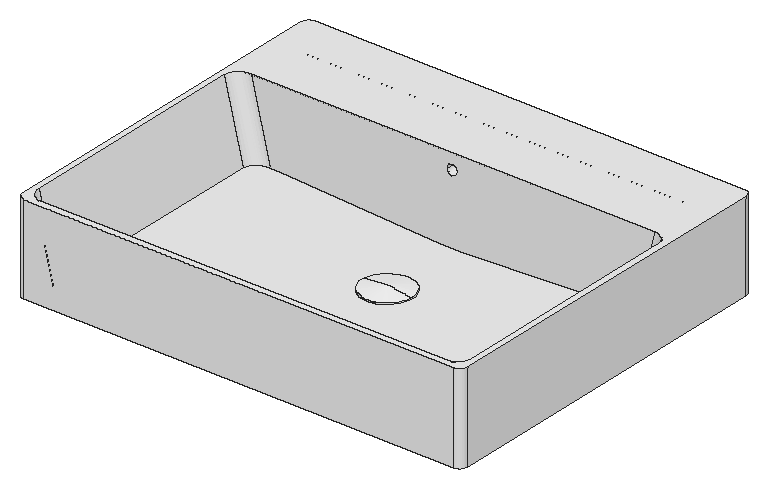
Revit family "Reece_Basin_Roca_Inspira_Wall Basin_600 mm", category Plumbing Fixtures, Revit 2018
Family settings
  Round Connector Dimension = Use Diameter
  Part Type = Normal
  Work Plane-Based = Yes
  Always vertical = Yes
  Cut with Voids When Loaded = Yes
  Shared = Yes
  Room Calculation Point = Yes
Parameters
  URL = "https://www.reece.com.au/product/-9508156"
  Type Comments = "Basin"
  Reece_Product_Web Page = "https://www.reece.com.au/product/-9508156"
  Reece_Product_Type = "Basin"  # constant formula
  Reece_Product_Sub Brand = "The Gap"  # constant formula
  Reece_Product_Number = "9508156"
  Reece_Product_Mount = "Wall Mounted"
  Reece_Product_Description = "Roca Inspira Wall Basin with Fixings 600mm x 490mm White"
  Reece_Product_Brand = "Roca"  # constant formula
  Reece_Overall_Width = 600 mm  # constant formula
  Reece_Overall_Length = 490 mm  # constant formula
  Reece_Overall_Height = 120 mm  # constant formula
  Reece_Overall_Capacity = 14.10 L  # constant formula
  Reece_Material_Secondary = Reece_Brass_Chrome
  Reece_Material_Main = Reece_FINECERAMIC_White
  Reece_Height_From_Level = 900 mm
  Reece_Detail_Installation = "Wall Basin\r\n"  # constant formula
  Reece_Detail_Disclaimer = "THIS FILE IS THE PROPERTY OF THE REECE GROUP. IT MAY NOT BE REPRODUCED, REVERSE-ENGINEERED OR MODIFIED. ANY REPUBLICATION, TRANSMISSION OR DISTRIBUTION FOR THE PURPOSE OF COMMERCIALLY EXPLOITING THE FILES IS PROHIBITED."  # constant formula
  Reece_Detail_Connector = "1 Taphole"  # constant formula
  Reece_Detail_Additional = "Integrated Overflow"  # constant formula
  Reece_Basin_Outlet = 46 mm  # constant formula
  Model = "The Gap"
  Manufacturer = "Roca"
  Keynote = "Product #9508156, Reece_Basin_Roca_Inspira_Wall Basin_600 mm -  "
  Disclaimer = "THIS FILE IS THE PROPERTY OF THE REECE GROUP. IT MAY NOT BE REPRODUCED, REVERSE-ENGINEERED OR MODIFIED. ANY REPUBLICATION, TRANSMISSION OR DISTRIBUTION FOR THE PURPOSE OF COMMERCIALLY EXPLOITING THE FILES IS PROHIBITED."  # constant formula
  Description = "Roca Inspira Wall Basin with Fixings 600mm x 490mm White"
  Default Elevation = 0 mm
Types (2, lengths in mm): name | Keynote
  (no name) | "Product #9508156, Reece_Basin_Roca_Inspira_Wall Basin_600 mm -  "
  1 Taphole_FINECERAMIC | "Product #9508156, Reece_Basin_Roca_Inspira_Wall Basin_600 mm - 1 Taphole_FINECERAMIC"
Reference planes
  plane 1 "Center (Front/Back)": y = 0
  plane 2 "Bottom Host Plane": z = -5
  plane 3 "Center (Left/Right)": x = 0
  plane 4: x = 300
  plane 5 "Top host": z = 900
  plane 6: z = 780
  plane 7: x = -300
  plane 8: x = -140
  plane 9: x = 140
  plane 10: y = -490
  plane 11: z = 737
  plane 12: y = -70
  plane 13: y = -130
  plane 14: y = -240
Forms (mm)
  Extrusion 1, solid, material "Reece_FINECERAMIC_White" <- "Reece_Material_Main"
    sketch origin (-290, -1524, 780) x (-1, 0, 0) y (0, -1, 0)
      loop
        arc (0, -1524) -> (7.071, -1521.071) -> (10, -1514) r 10
        line (10, -1514) -> (10, -1044)
        arc (10, -1044) -> (7.071, -1036.929) -> (0, -1034) r 10
        line (0, -1034) -> (-580, -1034)
        arc (-580, -1034) -> (-587.071, -1036.929) -> (-590, -1044) r 10
        line (-590, -1044) -> (-590, -1514)
        arc (-590, -1514) -> (-587.071, -1521.071) -> (-580, -1524) r 10
        line (-580, -1524) -> (0, -1524)
    from 0 to 120
  Extrusion 2, void
    sketch origin (0, -245, 771.25) x (1, 0, 0) y (0, 0, 1)
      loop
        circle (0, 108.206) r 7
    from -139.339 to -76.725
  SweptBlend 3, void
    path origin (-101.664, -245, 780) x (1, 0, 0) y (0, 0, 1)
      loop
        line (0, 0) -> (0, 120)
    profile origin (-101.664, -245, 780) x (-1, 0, 0) y (0, -1, 0)
      loop
        line (-343.664, -107) -> (140.336, -107)
        arc (140.336, -107) -> (154.478, -101.142) -> (160.336, -87) r 20
        line (160.336, -87) -> (160.336, 215)
        arc (160.336, 215) -> (154.478, 229.142) -> (140.336, 235) r 20
        line (140.336, 235) -> (-343.664, 235)
        arc (-343.664, 235) -> (-357.806, 229.142) -> (-363.664, 215) r 20
        line (-363.664, 215) -> (-363.664, -87)
        arc (-363.664, -87) -> (-357.806, -101.142) -> (-343.664, -107) r 20
    end profile origin (-101.664, -245, 900) x (-1, 0, 0) y (0, -1, 0)
      loop
        line (190.336, -87) -> (190.336, 215)
        arc (190.336, 215) -> (184.478, 229.142) -> (170.336, 235) r 20
        line (170.336, 235) -> (-373.664, 235)
        arc (-373.664, 235) -> (-387.806, 229.142) -> (-393.664, 215) r 20
        line (-393.664, 215) -> (-393.664, -87)
        arc (-393.664, -87) -> (-387.806, -101.142) -> (-373.664, -107) r 20
        line (-373.664, -107) -> (170.336, -107)
        arc (170.336, -107) -> (184.478, -101.142) -> (190.336, -87) r 20
  Sweep 4, solid, material "Reece_FINECERAMIC_White" <- "Reece_Material_Main"
    path origin (-7.976, -245, 780.563) x (1, 0, 0) y (0, 0, 1)
      loop
        line (-287.523, 118.516) -> (-274.809, 23.195)
        arc (-274.809, 23.195) -> (-271.88, 17.296) -> (-265.917, 14.498) r 10
        arc (-265.917, 14.498) -> (7.963, 0.331) -> (281.85, 14.373) r 2666.246
        arc (281.85, 14.373) -> (287.816, 17.17) -> (290.747, 23.071) r 10
        line (290.747, 23.071) -> (303.535, 118.388)
    profile origin (-289.143, -245, 851.418) x (0.991222, 0, 0.132211) y (0, -1, 0)
      loop
        line (0, -117.206) -> (3, -117.206) -> (3, 236.968) -> (0, 236.968) -> (0, -117.206)
  Extrusion 5, void
    sketch origin (0, -245, 780) x (0, 1, 0) y (0, 0, 1)
      loop
        line (186.661, 115.537) -> (128.181, 115.537)
        arc (128.181, 115.537) -> (127.585, 115.499) -> (127, 115.383) r 4.587
        line (127, 115.383) -> (127, 0) -> (221.897, 0) -> (196.665, 107.534)
        arc (196.665, 107.534) -> (193.067, 113.29) -> (186.661, 115.537) r 10.254
    from -262 to 275
  Extrusion 6, void
    sketch origin (0, -245, 780) x (1, 0, 0) y (0, 0, 1)
      loop
        spline (-150, 78) -> (-149.659, 76.199) -> (-148.66, 74.52) -> (-147.071, 73.079) -> (-145, 71.972) -> (-142.588, 71.277) -> (-140, 71.04) -> (-137.412, 71.277) -> (-135, 71.972) -> (-132.929, 73.079) -> (-131.34, 74.52) -> (-130.341, 76.199) -> (-130, 78)
        spline (-130, 78) -> (-130.341, 79.801) -> (-131.34, 81.48) -> (-132.929, 82.921) -> (-135, 84.028) -> (-137.412, 84.723) -> (-140, 84.96) -> (-142.588, 84.723) -> (-145, 84.028) -> (-147.071, 82.921) -> (-148.66, 81.48) -> (-149.659, 79.801) -> (-150, 78)
      loop
        spline (130, 78) -> (130.341, 76.199) -> (131.34, 74.52) -> (132.929, 73.079) -> (135, 71.972) -> (137.412, 71.277) -> (140, 71.04) -> (142.588, 71.277) -> (145, 71.972) -> (147.071, 73.079) -> (148.66, 74.52) -> (149.659, 76.199) -> (150, 78)
        spline (150, 78) -> (149.659, 79.801) -> (148.66, 81.48) -> (147.071, 82.921) -> (145, 84.028) -> (142.588, 84.723) -> (140, 84.96) -> (137.412, 84.723) -> (135, 84.028) -> (132.929, 82.921) -> (131.34, 81.48) -> (130.341, 79.801) -> (130, 78)
    from -254.86 to -228.757
  Revolve 7, solid, material "Reece_FINECERAMIC_White" <- "Reece_Material_Main"
    sketch origin (0, -240, 776.459) x (1, 0, 0) y (0, 0, 1)
      loop
        line (-23.001, 3.885) -> (-48.001, 3.885)
        arc (-48.001, 3.885) -> (-43.11, 1.756) -> (-40.166, -2.693) r 9.398
        line (-40.166, -2.693) -> (-30.003, -35.922)
        arc (-30.003, -35.922) -> (-28.195, -38.479) -> (-25.222, -39.459) r 5
        line (-25.222, -39.459) -> (-23.001, -39.459) -> (-23.001, 3.885)
      axis (0, 3.885) -> (0, -39.459)
    angle from 0 to 360
  Extrusion 8, void
    sketch origin (-290, -1524, 780) x (0, -1, 0) y (-1, 0, 0)
      loop
        circle (-1284, -290) r 35
    from -19.365 to 43
  Revolve 9, solid, material "Reece_Brass_Chrome" <- "Reece_Material_Secondary"
    sketch origin (0, -240, 782.565) x (1, 0, 0) y (0, 0, 1)
      loop
        line (0, -0.24) -> (0, 7.046)
        arc (0, 7.046) -> (-16.685, 5.909) -> (-33.164, 3.06) r 162.307
        line (-33.164, 3.06) -> (-33.164, -0.24) -> (-29.746, -0.24) -> (-28.177, -4.551) -> (-23.036, -4.551) -> (-23.036, -0.24) -> (0, -0.24)
      axis (0, 7.046) -> (0, -4.551)
    angle from 0 to 360
  Extrusion 10, solid, material "Reece_FINECERAMIC_White" <- "Reece_Material_Main"
    sketch origin (110.294, -245, 780) x (0, 1, 0) y (0, 0, 1)
      loop
        line (117.206, 111.719) -> (117.206, 10.514)
        arc (117.206, 10.514) -> (114.277, 3.443) -> (107.206, 0.514) r 10
        line (107.206, 0.514) -> (28.761, 0.514) -> (28.761, -35.898) -> (92, -35.898)
        arc (92, -35.898) -> (116.749, -25.647) -> (127, -0.898) r 35
        line (127, -0.898) -> (127, 111.719) -> (117.206, 111.719)
    from -127.49 to -93.107
  SweptBlend 11, void
    path origin (-101.664, -236.968, 780) x (1, 0, 0) y (0, 0, 1)
      loop
        line (0, 0) -> (0, 120)
    profile origin (-101.664, -236.968, 780) x (-1, 0, 0) y (0, -1, 0)
      loop
        line (-343.664, -107) -> (140.336, -107)
        arc (140.336, -107) -> (154.478, -101.142) -> (160.336, -87) r 20
        line (160.336, -87) -> (160.336, 225)
        arc (160.336, 225) -> (154.478, 239.142) -> (140.336, 245) r 20
        line (140.336, 245) -> (-343.664, 245)
        arc (-343.664, 245) -> (-357.806, 239.142) -> (-363.664, 225) r 20
        line (-363.664, 225) -> (-363.664, -87)
        arc (-363.664, -87) -> (-357.806, -101.142) -> (-343.664, -107) r 20
    end profile origin (-101.664, -236.968, 900) x (-1, 0, 0) y (0, -1, 0)
      loop
        line (190.336, -87) -> (190.336, 225)
        arc (190.336, 225) -> (184.478, 239.142) -> (170.336, 245) r 20
        line (170.336, 245) -> (-373.664, 245)
        arc (-373.664, 245) -> (-387.806, 239.142) -> (-393.664, 225) r 20
        line (-393.664, 225) -> (-393.664, -87)
        arc (-393.664, -87) -> (-387.806, -101.142) -> (-373.664, -107) r 20
        line (-373.664, -107) -> (170.336, -107)
        arc (170.336, -107) -> (184.478, -101.142) -> (190.336, -87) r 20
  Revolve 12, solid, material "Reece_Brass_Chrome" <- "Reece_Material_Secondary"
    sketch origin (0, -239.838, 782.252) x (1, 0, 0) y (0, 0, 1)
      loop
        line (0, -0.24) -> (0, 7.046)
        arc (0, 7.046) -> (-16.685, 5.909) -> (-33.164, 3.06) r 162.307
        line (-33.164, 3.06) -> (-33.164, -0.24) -> (-29.746, -0.24) -> (-28.177, -4.551) -> (-23.036, -4.551) -> (-23.036, -0.24) -> (0, -0.24)
      axis (0, 7.046) -> (0, -4.551)
    angle from 0 to 360
Cuts and joins
  Extrusion 2, Extrusion 5, Extrusion 6, SweptBlend 11 cuts Extrusion 1
  Extrusion 8 cuts Sweep 4
  Extrusion 2 cuts Extrusion 10
  joined: Extrusion 1, Sweep 4, Revolve 7, Extrusion 10
  SweptBlend 3 cuts Revolve 9
Lines and regions (mm)
  model lines, style "InvisibleLines"
    curve 1: line (0, 0, -5) -> (0, 0, 900)
  model lines
    curve 2: circle (0, -70, 900) r 17.5 normal (0, 0, 1)
Text (mm)
  text "Reece ©" at (2750.254, -2396.412, 2870.147), in view "Reece Preview"
  text "Reece Copyright © 2018, Reece Ltd." at (-443.371, -606.236, 0), in view "Ref. Level"
Dimensions and locks
  "Reece_Height_From_Level": plane 5 "Top host" to level
  locked: plane 5 "Top host" to plane 6 at 120
  equal spacing: plane 7, plane 3 "Center (Left/Right)", plane 4
  "Reece_Overall_Width": plane 7 to plane 4
  "Reece_Overall_Width": plane 7 to cut or joined group of Extrusion 1, Extrusion 2, Sweep 4, Extrusion 5, Extrusion 6, Revolve 7, Extrusion 8, Extrusion 10, SweptBlend 11
  cut or joined group of Extrusion 1, Extrusion 2, Sweep 4, Extrusion 5, Extrusion 6, Revolve 7, Extrusion 8, Extrusion 10, SweptBlend 11 to Revolve 7 = 163 mm
  plane 8 to plane 9 = 280 mm  (x2)
  "Reece_Overall_Length": cut or joined group of Extrusion 1, Extrusion 2, Sweep 4, Extrusion 5, Extrusion 6, Revolve 7, Extrusion 8, Extrusion 10, SweptBlend 11 to plane 10
  "Reece_Overall_Length": curve 1 to plane 10
  "Reece_Overall_Height": cut or joined group of Extrusion 1, Extrusion 2, Sweep 4, Extrusion 5, Extrusion 6, Revolve 7, Extrusion 8, Extrusion 10, SweptBlend 11 to plane 6
  cut or joined group of Extrusion 1, Extrusion 2, Sweep 4, Extrusion 5, Extrusion 6, Revolve 7, Extrusion 8, Extrusion 10, SweptBlend 11 to plane 11 = 163 mm
  curve 2 to plane 1 "Center (Front/Back)" = 70 mm
  plane 14 to plane 1 "Center (Front/Back)" = 240 mm
  aligned and locked: plane 5 "Top host" to curve 1
  aligned and locked: plane 2 "Bottom Host Plane" to curve 1
Automatic sketch dimensions
  plane 3 "Center (Left/Right)" to Extrusion 2 sketch curve = 0 mm
  Extrusion 2 sketch curve to plane 5 "Top host" = 20.544 mm
  SweptBlend 3 sketch curve to plane 5 "Top host" = 0 mm
  SweptBlend 3 sketch curve to plane 5 "Top host" = 120 mm
  profile plane to SweptBlend 3 sketch curve = 393.664 mm
  SweptBlend 3 sketch curve to SweptBlend 3 sketch curve = 20 mm  (x6)
  SweptBlend 3 sketch curve to profile plane = 170.336 mm  (x2)
  SweptBlend 3 sketch curve to profile plane = 107 mm  (x2)
  profile plane to SweptBlend 3 sketch curve = 215 mm  (x2)
  profile plane to SweptBlend 3 sketch curve = 363.664 mm
  SweptBlend 3 sketch curve to profile plane = 140.336 mm  (x2)
  Sweep 4 sketch curve to Sweep 4 sketch curve = 9.922 mm  (x2)
  plane 3 "Center (Left/Right)" to Sweep 4 sketch curve = 0.596 mm
  Sweep 4 sketch curve to plane 4 = 27.151 mm
  Sweep 4 sketch curve to plane 5 "Top host" = 96.367 mm
  Sweep 4 sketch curve to plane 5 "Top host" = 96.242 mm
  Sweep 4 sketch curve to Sweep 4 sketch curve = 1.249 mm  (x2)
  plane 5 "Top host" to Sweep 4 sketch curve = 2547.14 mm
  Sweep 4 sketch curve to plane 5 "Top host" = 0.922 mm
  Sweep 4 sketch curve to Sweep 4 sketch curve = 0 mm
  Sweep 4 sketch curve to plane 5 "Top host" = 1.049 mm
  Sweep 4 sketch curve to plane 4 = 4.441 mm
  Sweep 4 sketch curve to profile plane = 0 mm
  Sweep 4 sketch curve to Sweep 4 sketch curve = 3 mm
  Sweep 4 sketch curve to profile plane = 117.206 mm
  profile plane to Sweep 4 sketch curve = 236.968 mm
  plane 1 "Center (Front/Back)" to Extrusion 5 sketch curve = 118 mm
  Extrusion 5 sketch curve to Extrusion 5 sketch curve = 1.181 mm
  Extrusion 5 sketch curve to plane 5 "Top host" = 14.717 mm
  plane 1 "Center (Front/Back)" to Extrusion 5 sketch curve = 58.339 mm
  Extrusion 5 sketch curve to plane 5 "Top host" = 12.466 mm
  Extrusion 5 sketch curve to Extrusion 5 sketch curve = 10.004 mm
  plane 1 "Center (Front/Back)" to Extrusion 5 sketch curve = 23.103 mm
  Extrusion 5 sketch curve to Extrusion 5 sketch curve = 115.537 mm
  Extrusion 5 sketch curve to Extrusion 5 sketch curve = 4.587 mm
  Extrusion 6 sketch curve to plane 5 "Top host" = 42 mm  (x2)
  Extrusion 6 sketch curve to Extrusion 6 sketch curve = 10 mm  (x2)
  plane 3 "Center (Left/Right)" to Revolve 7 sketch curve = 0 mm
  Revolve 7 sketch curve to plane 3 "Center (Left/Right)" = 23.001 mm
  Revolve 7 sketch curve to Revolve 7 sketch curve = 2.22 mm
  Revolve 7 sketch curve to Revolve 7 sketch curve = 4.781 mm
  Revolve 7 sketch curve to Revolve 7 sketch curve = 17.164 mm
  Revolve 7 sketch curve to Revolve 7 sketch curve = 7.836 mm
  Revolve 7 sketch curve to Revolve 7 sketch curve = 8.987 mm
  Revolve 7 sketch curve to plane 5 "Top host" = 163 mm
  Revolve 7 sketch curve to Revolve 7 sketch curve = 3.538 mm
  Revolve 7 sketch curve to Revolve 7 sketch curve = 30.48 mm
  Revolve 7 sketch curve to Revolve 7 sketch curve = 2.749 mm
  Revolve 7 sketch curve to Revolve 7 sketch curve = 18.373 mm
  Revolve 7 sketch curve to Revolve 7 sketch curve = 17.488 mm
  Revolve 9 sketch curve to plane 3 "Center (Left/Right)" = 0 mm  (x2)
  Revolve 9 sketch curve to Revolve 9 sketch curve = 23.036 mm
  Revolve 9 sketch curve to Revolve 9 sketch curve = 5.141 mm
  Revolve 9 sketch curve to Revolve 9 sketch curve = 1.569 mm
  Revolve 9 sketch curve to Revolve 9 sketch curve = 3.418 mm
  plane 3 "Center (Left/Right)" to Revolve 9 sketch curve = 2.68 mm
  Revolve 9 sketch curve to plane 5 "Top host" = 272.674 mm
  Revolve 9 sketch curve to plane 5 "Top host" = 121.986 mm
  Revolve 9 sketch curve to Revolve 9 sketch curve = 4.31 mm  (x2)
  Revolve 9 sketch curve to Revolve 9 sketch curve = 3.301 mm
  Revolve 9 sketch curve to Revolve 9 sketch curve = 0 mm  (x2)
  Extrusion 10 sketch curve to plane 5 "Top host" = 119.486 mm
  plane 1 "Center (Front/Back)" to Extrusion 10 sketch curve = 216.239 mm
  Extrusion 10 sketch curve to Extrusion 10 sketch curve = 63.239 mm
  Extrusion 10 sketch curve to Extrusion 10 sketch curve = 15.206 mm
  Extrusion 10 sketch curve to plane 5 "Top host" = 8.281 mm
  Extrusion 10 sketch curve to Extrusion 10 sketch curve = 10 mm
  Extrusion 10 sketch curve to Extrusion 10 sketch curve = 9.794 mm
  Extrusion 10 sketch curve to Extrusion 10 sketch curve = 36.412 mm
  SweptBlend 11 sketch curve to plane 5 "Top host" = 0 mm
  SweptBlend 11 sketch curve to plane 5 "Top host" = 120 mm
  profile plane to SweptBlend 11 sketch curve = 393.664 mm
  SweptBlend 11 sketch curve to SweptBlend 11 sketch curve = 20 mm  (x6)
  SweptBlend 11 sketch curve to profile plane = 170.336 mm  (x2)
  SweptBlend 11 sketch curve to profile plane = 107 mm  (x2)
  profile plane to SweptBlend 11 sketch curve = 225 mm  (x2)
  profile plane to SweptBlend 11 sketch curve = 363.664 mm
  SweptBlend 11 sketch curve to profile plane = 140.336 mm  (x2)
  plane 3 "Center (Left/Right)" to Revolve 12 sketch curve = 0 mm  (x2)
  Revolve 12 sketch curve to plane 3 "Center (Left/Right)" = 23.036 mm
  Revolve 12 sketch curve to Revolve 12 sketch curve = 5.141 mm
  Revolve 12 sketch curve to Revolve 12 sketch curve = 1.569 mm
  Revolve 12 sketch curve to Revolve 12 sketch curve = 3.418 mm
  plane 3 "Center (Left/Right)" to Revolve 12 sketch curve = 2.68 mm
  Revolve 12 sketch curve to plane 5 "Top host" = 272.987 mm
  Revolve 12 sketch curve to plane 5 "Top host" = 122.299 mm
  Revolve 12 sketch curve to Revolve 12 sketch curve = 4.31 mm  (x2)
  Revolve 12 sketch curve to Revolve 12 sketch curve = 3.301 mm
  Revolve 12 sketch curve to Revolve 12 sketch curve = 0 mm  (x2)
  Extrusion 1 sketch curve to plane 4 = 0 mm
  plane 1 "Center (Front/Back)" to Extrusion 1 sketch curve = 0 mm
  Extrusion 1 sketch curve to plane 4 = 10 mm  (x2)
  Extrusion 1 sketch curve to Extrusion 1 sketch curve = 10 mm
  Extrusion 1 sketch curve to Extrusion 1 sketch curve = 470 mm
  curve 2 to plane 3 "Center (Left/Right)" = 0 mm
  Extrusion 8 sketch curve to plane 3 "Center (Left/Right)" = 0 mm
  plane 1 "Center (Front/Back)" to Extrusion 8 sketch curve = 240 mm
  plane 1 "Center (Front/Back)" to Extrusion 1 sketch curve = 10 mm
  Sweep 4 sketch curve to Sweep 4 sketch curve = 12.714 mm
  Extrusion 1 sketch curve to plane 3 "Center (Left/Right)" = 290 mm
  SweptBlend 3 sketch curve to plane 3 "Center (Left/Right)" = 101.664 mm
  Sweep 4 sketch curve to plane 3 "Center (Left/Right)" = 272.864 mm
  Extrusion 6 sketch curve to plane 3 "Center (Left/Right)" = 140 mm
  SweptBlend 11 sketch curve to plane 3 "Center (Left/Right)" = 101.664 mm
  plane 3 "Center (Left/Right)" to Extrusion 6 sketch curve = 130 mm
  radius of Extrusion 2 sketch curve = 7 mm
  radius of curve 2 = 17.5 mm
  radius of Extrusion 8 sketch curve = 35 mm
Connectors
  piping at (0, -240, 737), diameter 46, driven by "Reece_Basin_Outlet"
    settings: on Revolve 7, index 1, connector inside diameter 609.6 mm, connector length 0 mm, flow factor 0, pipe flow 0.0 L/s, pressure drop 0.0 Pa, fitting loss kfactor 0, connector angle 0.00°, fixture units 0, engagement length 0 mm, angle of deflection 0.00°, flow configuration 0, flow direction 2, fitting loss method 0, system type 16, joint type 0, gender type 0, connector reference index -1, connector utility 0, adjustable connector no, is connector primary yes, connector description ""
